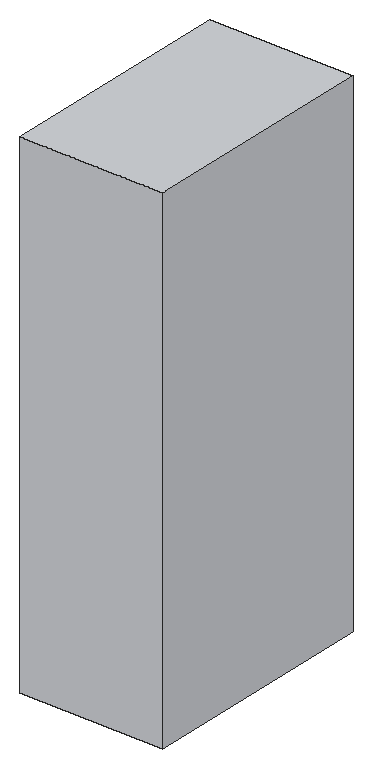
Revit family "SB15_RTU機櫃_600x1000x2100", category 電氣設備, Revit 2025
Family settings
  面板規劃 = 兩欄，回路穿越
  圓形接點標註 = 使用直徑
  組件類型 = 分電盤
  OmniClass 編號 = 23.80.30.11.17
  OmniClass 標題 = Distribution Boards and Control Panels
  以工作平面為基礎 = 否
  總是垂直 = 是
  載入時使用空心切割 = 否
  維持標註方位 = 否
  共用 = 否
  房間計算點 = 否
Parameters (values of type "RTU 與網路機櫃")
  built-in parameter 1155100 [instance] = -1
  Default Elevation = 0 mm
  built-in parameter 1140142 [instance] = -1
  SCADA_高mm [instance] = "2100"
  SCADA_附錄F項次 [instance] = "18"
  SCADA_附錄D項次 [instance] = "9"
  SCADA_編號 [instance] = "SB15-COMS-RTU-01"
  SCADA_站點 [instance] = "SB15"
  SCADA_深mm [instance] = "1000"
  SCADA_機櫃類型 [instance] = "RTU 與網路機櫃"
  SCADA_期別 [instance] = "第一期"
  SCADA_房間 [instance] = "COMS/SCADA 設備室"
  SCADA_建物 [instance] = "車站"
  SCADA_尺寸 [instance] = "600W×1000D×2100H"
  SCADA_寬mm [instance] = "600"
  SCADA_定位來源 [instance] = "獨立設備族群（載入專案後定位）"
  SCADA_備註 [instance] = ""
  SCADA_來源文件 [instance] = "Installation SoW_V6（Rev.006, 2026-07-02）附錄 D / F；依原文顏色標示排除已刪除項目"
  SCADA_UPS電源110V [instance] = "雙 UPS 電源（2×4500VA）"
  built-in parameter 1140140 [instance] = 1 (stored number, unit not read)
Reference planes
  plane 1 "中心 (前/後)": y = 0
  plane 2: z = 0
  plane 3 "中心 (左/右)": x = 0
Forms (mm)
  Extrusion 1, solid
    sketch origin (0, 0, 0) x (1, 0, 0) y (0, 1, 0)
      loop
        line (-300, -500) -> (300, -500) -> (300, 500) -> (-300, 500) -> (-300, -500)
    from 0 to 2100
Lines and regions (mm)
  model lines, style "開門線"
    curve 1: line (300, -500, 0) -> (300, -1100, 0)
    curve 2: arc (-300, -500, 0) -> (-124.264, -924.264, 0) -> (300, -1100, 0) r 600
    curve 3: line (-300, 500, 0) -> (-300, 1100, 0)
    curve 4: arc (300, 500, 0) -> (124.264, 924.264, 0) -> (-300, 1100, 0) r 600
Dimensions and locks
  aligned and locked: level to plane 2
